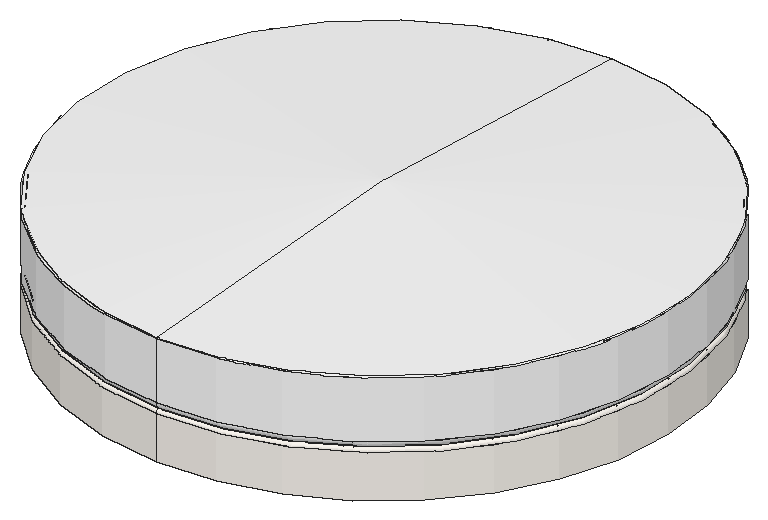
Revit family "AFX-Oscar-Flush_mount+", category Lighting Fixtures, host Face, Revit 2020
Family settings
  Host = Face
  Round Connector Dimension = Use Diameter
  Part Type = Normal
  Cut with Voids When Loaded = No
  Light Source = Yes
  Shared = No
  Room Calculation Point = No
Parameters (values of type "OSCF11-3000")
  Wattage Comments = "19W"
  Wattage = 19 W
  built-in parameter 1150110 = 1 (stored number, unit not read)
  Voltage = 120 V
  URL = "https://www.afxinc.com/"
  Type Comments = "COLE"  # constant formula
  built-in parameter 1114217 = 1 (stored number, unit not read)
  Tilt Angle = 90.00°
  built-in parameter 1150109 = 1 (stored number, unit not read)
  built-in parameter 1150134 = (empty or 0)
  built-in parameter 1150113 = 1 (stored number, unit not read)
  Screen Finish = AFX - Diffuser
  Revit Model Built By = "https://servex-us.com/servex-revit/"
  Rad = Diameter / 2  # 5 1/2"
  Product Documentation Link = "https://www.afxinc.com/products/productDetail.cfm?productID=1221"
  Photometric Web File = "OSCF - 11OSCF11LAJD1xx_3000K_IES.IES"
  Model = "OSCF11-3000"
  Manufacturer = "AFX Inc"  # constant formula
  built-in parameter 1150105 = 733.96 (stored number, unit not read)
  Lumens = 2822.3 lm
  built-in parameter 1150115 = 1 (stored number, unit not read)
  built-in parameter 1150137 = (empty or 0)
  built-in parameter 1150139 = (empty or 0)
  built-in parameter 1150112 = 1 (stored number, unit not read)
  built-in parameter 1150114 = 1 (stored number, unit not read)
  Lamp = "LED"
  built-in parameter 1150132 = (empty or 0)
  built-in parameter 1150102 = (empty or 0)
  built-in parameter 1150107 = 3000 (stored number, unit not read)
  built-in parameter 1150138 = (empty or 0)
  built-in parameter 1150106 = 7.3396 (stored number, unit not read)
  Emit from Circle Diameter = Diameter  # 11"
  Emit Shape Visible in Rendering = no
  built-in parameter 1150104 = 13.8 (stored number, unit not read)
  Dimming Lamp Color Temperature Shift = <None>
  Diameter = 11"
  Description = "11'' Flush Mount, 3000K"
  Depth = 2 1/2"  # constant formula
  Default Elevation = 48"
  Color Rendering Index = 90
  Color Filter = 16777215
  Body Finish = AFX - Satin Nickel
  built-in parameter 1114218 = 1 (stored number, unit not read)
  built-in parameter 1150133 = 10 (stored number, unit not read)
  Assembly Code = "D5020200"
  Apparent Load = 0 VA
Types (16): name | built-in parameter 1150134 | Rad | Photometric Web File | Model | built-in parameter 1150107 | Emit from Circle Diameter | Diameter | Description
  (no name) | (empty or 0) | 5 1/2" | "OSCF - 11OSCF11LAJD1xx_3000K_IES.IES" | "OSCF11-3000" | 3000 (stored number, unit not read) | 11" | 11" | "11'' Flush Mount, 3000K"
  OSCF11-2700 | (empty or 0) | 5 1/2" | "OSCF - 11OSCF11LAJD1xx_2700K_IES.IES" | "OSCF11-2700" | 2700 (stored number, unit not read) | 11" | 11" | "11'' Flush Mount, 2700K"
  OSCF14-2700 | (empty or 0) | 7" | "OSCF - 14OSCF14LAJD1xx_2700K_IES.IES" | "OSCF14-2700" | 2700 (stored number, unit not read) | 14" | 14" | "14'' Flush Mount, 2700K"
  OSCF19-2700 | (empty or 0) | 9 1/2" | "OSCF - 19OSCF19LAJD1xx_2700K_IES.IES" | "OSCF19-2700" | 2700 (stored number, unit not read) | 19" | 19" | "19'' Flush Mount, 2700K"
  OSCF11-3000 | (empty or 0) | 5 1/2" | "OSCF - 11OSCF11LAJD1xx_3000K_IES.IES" | "OSCF11-3000" | 3000 (stored number, unit not read) | 11" | 11" | "11'' Flush Mount, 3000K"
  OSCF11-3500 | (empty or 0) | 5 1/2" | "OSCF - 11OSCF11LAJD1xx_3500K_IES.IES" | "OSCF11-3500" | 3500 (stored number, unit not read) | 11" | 11" | "11'' Flush Mount, 3500K"
  OSCF11-4000 | 12 | 5 1/2" | "OSCF - 11OSCF11LAJD1xx_4000K_IES.IES" | "OSCF11-4000" | 4000 (stored number, unit not read) | 11" | 11" | "11'' Flush Mount, 4000K"
  OSCF11-5000 | 2 | 5 1/2" | "OSCF - 11OSCF11LAJD1xx_5000K_IES.IES" | "OSCF11-5000" | 5000 (stored number, unit not read) | 11" | 11" | "11'' Flush Mount, 5000K"
  OSCF14-3000 | (empty or 0) | 7" | "OSCF - 14OSCF14LAJD1xx_3000K_IES.IES" | "OSCF14-3000" | 3000 (stored number, unit not read) | 14" | 14" | "14'' Flush Mount, 3000K"
  OSCF14-3500 | (empty or 0) | 7" | "OSCF - 14OSCF14LAJD1xx_3500K_IES.IES" | "OSCF14-3500" | 3500 (stored number, unit not read) | 14" | 14" | "14'' Flush Mount, 3500K"
  OSCF14-4000 | 12 | 7" | "OSCF - 14OSCF14LAJD1xx_4000K_IES.IES" | "OSCF14-4000" | 4000 (stored number, unit not read) | 14" | 14" | "14'' Flush Mount, 4000K"
  OSCF14-5000 | 2 | 7" | "OSCF - 14OSCF14LAJD1xx_5000K_IES.IES" | "OSCF14-5000" | 5000 (stored number, unit not read) | 14" | 14" | "14'' Flush Mount, 5000K"
  OSCF19-3000 | (empty or 0) | 9 1/2" | "OSCF - 19OSCF19LAJD1xx_3000K_IES.IES" | "OSCF19-3000" | 3000 (stored number, unit not read) | 19" | 19" | "19'' Flush Mount, 3000K"
  OSCF19-3500 | (empty or 0) | 9 1/2" | "OSCF - 19OSCF19LAJD1xx_3000K_IES.IES" | "OSCF19-3500" | 3500 (stored number, unit not read) | 19" | 19" | "19'' Flush Mount, 3500K"
  OSCF19-4000 | 12 | 9 1/2" | "OSCF - 19OSCF19LAJD1xx_4000K_IES.IES" | "OSCF19-4000" | 4000 (stored number, unit not read) | 19" | 19" | "19'' Flush Mount, 4000K"
  OSCF19-5000 | 2 | 9 1/2" | "OSCF - 19OSCF19LAJD1xx_5000K_IES.IES" | "OSCF19-5000" | 5000 (stored number, unit not read) | 19" | 19" | "19'' Flush Mount, 5000K"
Reference planes (in)
  plane 1 "Center (Front/Back)": y = 0
  plane 2: z = 0
  plane 3 "Center (Left/Right)": x = 0
  plane 4: y = 9.00394
  plane 5: y = -8.99606
  plane 6: x = -2.56055
  plane 7: x = 2.56055
  plane 8: z = 2.5
  plane 9: z = 1.37008
  plane 10: z = 0.97638
  plane 11: z = 1.93504
  plane 12: y = 5.5
Forms (in)
  Revolve 1, solid, material "AFX - Satin Nickel" <- "Body Finish"
    sketch origin (0, 0, 0) x (0, 1, 0) y (0, 0, 1)
      loop
        line (5.5, 0) -> (5.5, 0.8375)
        arc (5.5, 0.8375) -> (5.48169, 0.88169) -> (5.4375, 0.9) r 0.0625
        line (5.4375, 0.9) -> (5.18164, 0.9) -> (5.18164, 0.35433) -> (0, 0.35433) -> (0, 0) -> (5.5, 0)
      axis (0, 0.9) -> (0, 0)
    angle from 0 to 360
  Revolve 2, solid, material "AFX - Diffuser" <- "Screen Finish"
    sketch origin (0, 0, 0) x (0, 1, 0) y (0, 0, 1)
      loop
        arc (5.5, 2.15218) -> (2.75456, 2.38978) -> (0, 2.46907) r 47.88892
        line (0, 2.46907) -> (0, 2.40652)
        arc (0, 2.40652) -> (2.72317, 2.32893) -> (5.4375, 2.09641) r 47.82638
        line (5.4375, 2.09641) -> (5.4375, 1.025)
        arc (5.4375, 1.025) -> (5.41919, 0.9808) -> (5.375, 0.9625) r 0.0625
        line (5.375, 0.9625) -> (5.10002, 0.9625) -> (5.10002, 0.35222) -> (5.16252, 0.35433) -> (5.16252, 0.9) -> (5.375, 0.9)
        arc (5.375, 0.9) -> (5.46339, 0.93661) -> (5.5, 1.025) r 0.125
        line (5.5, 1.025) -> (5.5, 2.15218)
      axis (0, 2.46907) -> (0, 0.35222)
    angle from 0 to 360
  Revolve 3, void
    sketch origin (0, 0, 0) x (0, 1, 0) y (0, 0, 1)
      loop
        line (5.50841, 2.08709) -> (5.50841, 2.20768) -> (5.40264, 2.20768)
        arc (5.40264, 2.20768) -> (5.47822, 2.16729) -> (5.50841, 2.08709) r 0.12163
      axis (0, 2.20768) -> (0, 2.08709)
    angle from 0 to 360
Cuts and joins
  Revolve 3 cuts Revolve 2
Dimensions and locks (in)
  plane 5 to plane 1 "Center (Front/Back)" to plane 4 = 8.99606", 9.00394"
  plane 6 to plane 7 = 5 31/256"
  equal spacing: plane 6, plane 3 "Center (Left/Right)", plane 7
  plane 4 to plane 5 = 18"
  plane 8 to plane 9 to plane 10 = 1.12992", 0.3937" locked
  "Depth": plane 8 to plane 2
  equal spacing: plane 8, plane 11, plane 9
  "Rad": Revolve 1 sketch curve to plane 1 "Center (Front/Back)"
  locked: Revolve 1 sketch curve to Revolve 1 sketch curve at 0.31836
  Revolve 1 sketch curve to Revolve 1 sketch curve to plane 2 = 0.54567" locked, 0.35433" locked
  "Rad": Revolve 2 sketch curve to imposter light
  locked: Revolve 2 sketch curve to Revolve 2 sketch curve at 0.33748
  locked: Revolve 2 sketch curve to Revolve 2 sketch curve at 0.0625  (x2)
  Revolve 3 sketch curve to Revolve 3 sketch curve to plane 2 = 0.12059" locked, 2.08709" locked
  "Rad": plane 12 to plane 1 "Center (Front/Back)"
  Revolve 3 sketch curve to plane 12 to Revolve 3 sketch curve = 0.00841" locked, 0.11322" locked
  Revolve 2 sketch curve to Revolve 2 sketch curve to plane 2 = 0.06255" locked, 2.40652" locked
  Revolve 2 sketch curve to Revolve 2 sketch curve to plane 2 = 0.05577" locked, 2.09641" locked
  aligned and locked: plane 2 to host face
  aligned and locked: level to host face
  aligned and locked: imposter light to plane 3 "Center (Left/Right)"
  aligned and locked: imposter light to plane 1 "Center (Front/Back)"
  aligned and locked: Revolve 1 sketch curve to plane 1 "Center (Front/Back)"  (x2)
  aligned and locked: plane 2 to Revolve 1 sketch curve
  aligned and locked: plane 1 "Center (Front/Back)" to Revolve 2 sketch curve
  aligned and locked: Revolve 2 sketch curve to plane 1 "Center (Front/Back)"
  aligned and locked: Revolve 3 sketch curve to plane 1 "Center (Front/Back)"
  aligned and locked: imposter light to plane 9
Automatic sketch dimensions
  host sketch curve to host sketch curve = 96"  (x2)
  Revolve 1 sketch curve to level = 0"
  Revolve 1 sketch curve to Revolve 1 sketch curve = 1/16"
  Revolve 1 sketch curve to Revolve 1 sketch curve = 3/4"
  Revolve 2 sketch curve to Revolve 2 sketch curve = 0"  (x2)
  Revolve 2 sketch curve to plane 10 = 0.01388"
  Revolve 2 sketch curve to Revolve 2 sketch curve = 1/16"
  level to Revolve 2 sketch curve = 0.35222"
  Revolve 2 sketch curve to Revolve 2 sketch curve = 0.00211"
  plane 11 to Revolve 2 sketch curve = 0.14038"
  plane 8 to Revolve 2 sketch curve = 0.16244"
  Revolve 3 sketch curve to level = 1.05013"
  Revolve 3 sketch curve to Revolve 3 sketch curve = 1 1/2"
Connectors (in)
  electrical at (0, 0, 0), driven by "Voltage", driven by "Apparent Load"
    settings: on Revolve 1, index 1, voltage 120 V, apparent load 0 VA, apparent load phase1 0 VA, apparent load phase2 0 VA, apparent load phase3 0 VA, power factor 1, load classification "Lighting", number of poles 1, system type 31, power factor state 1, is connector primary yes, connector utility no, sub classification motor no, connector description ""
  electrical at (0, 0, 0)
    settings: on Revolve 1, index 2, voltage 0 V, apparent load 0 VA, apparent load phase1 0 VA, apparent load phase2 0 VA, apparent load phase3 0 VA, power factor 1, load classification "Other", number of poles 1, system type 31, power factor state 1, is connector primary no, connector utility no, sub classification motor no, connector description ""
